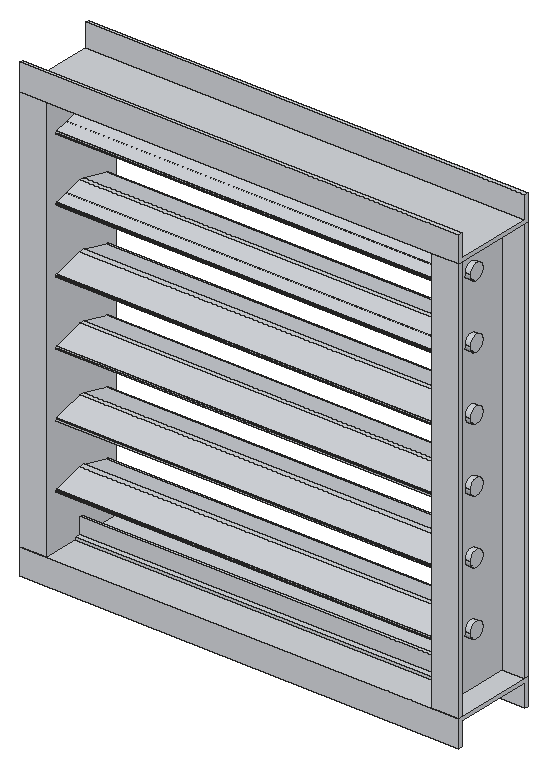
Revit family "NAH-720-4,721-4", category Mechanical Equipment, Revit 2015
Parameters
  URL = "http://unitedenertech.com/catalog/pdf/C_25,26,27,28%20NAH-720-4.pdf"
  Type Comments = "Max. Single Section Size is (60\"w x 96\"h)"
  Model = "NAH-720-4, NAH-721-4"
  Manufacturer = "United Enertech Corporation"
  Keynote = "This model is only a representation of the product, blade position will vary from built dampers."
  Exact Width = 3' - 0"
  Exact Height = 3' - 2"
  Description = "Industrial Airfoil Blade Control Damper"
  Blade Spacing = 0' - 6"
  Blade Number [instance] = (Exact Height - 0' 3") / Blade Spacing  # 6
  BW [instance] = Exact Width - 0' 0 1/8"  # 2' - 11 7/8"
Reference planes (in)
  plane 1 "Center (Front/Back)": y = 0
  plane 2: z = 0
  plane 3 "Center (Left/Right)": x = 0
  plane 4: x = -18
  plane 5: x = 18
  plane 6: x = -20.5
  plane 7: x = 20.5
  plane 8: z = 38
  plane 9: z = 40.5
  plane 10: z = -2.5
  plane 11: y = 8
  plane 12: z = 35.20357
Forms (in)
  Extrusion 1, solid
    sketch origin (0, 0, 0) x (0, 1, 0) y (0, 0, 1)
      loop
        line (8, 40.5) -> (7.625, 40.5) -> (7.625, 38.375) -> (0.375, 38.375) -> (0.375, 40.5) -> (0, 40.5) -> (0, 38) -> (8, 38) -> (8, 40.5)
    from -20.5 to 20.5
  Extrusion 2, solid
    sketch origin (0, 0, 0) x (0, 1, 0) y (0, 0, 1)
      loop
        line (8, -2.5) -> (8, 0) -> (0, 0) -> (0, -2.5) -> (0.375, -2.5) -> (0.375, -0.375) -> (7.625, -0.375) -> (7.625, -2.5) -> (8, -2.5)
    from -20.5 to 20.5
  Extrusion 3, solid
    sketch origin (0, 0, 0) x (1, 0, 0) y (0, 1, 0)
      loop
        line (20.5, 8) -> (18, 8) -> (18, 0) -> (20.5, 0) -> (20.5, 0.375) -> (18.375, 0.375) -> (18.375, 7.625) -> (20.5, 7.625) -> (20.5, 8)
    from 0 to 38
  Extrusion 4, solid
    sketch origin (0, 0, 0) x (-1, 0, 0) y (0, -1, 0)
      loop
        line (20.5, -8) -> (20.5, -7.625) -> (18.375, -7.625) -> (18.375, -0.375) -> (20.5, -0.375) -> (20.5, 0) -> (18, 0) -> (18, -8) -> (20.5, -8)
    from 0 to 38
  Extrusion 5, solid
    sketch origin (0, 0, 0) x (0, 1, 0) y (0, 0, 1)
      loop
        line (4, 38) -> (4, 37.25) -> (4.25, 37.25) -> (4.25, 37.75) -> (4.75, 37.75) -> (4.75, 38) -> (4, 38)
    from -18 to 18
  Extrusion 6, solid
    sketch origin (0, 0, 0) x (0, 1, 0) y (0, 0, 1)
      loop
        line (4, 0) -> (4, 1.75) -> (3.75, 1.75) -> (3.75, 0.25) -> (3.25, 0.25) -> (3.25, 0) -> (4, 0)
    from -18 to 18
Dimensions and locks (in)
  equal spacing: plane 4, plane 3 "Center (Left/Right)", plane 5
  "Exact Width": plane 4 to plane 5
  locked: plane 5 to plane 7 at 2.5
  locked: plane 6 to plane 4 at 2.5
  "Exact Height": plane 8 to level
  locked: plane 9 to plane 8 at 2.5
  locked: level to plane 10 at 2.5
  locked: plane 8 to plane 12 at 2.79643
  equal spacing: group 1, group 2, group 3, group 4, group 5, group 6  (x2)
  equal spacing: group 6, group 5, group 4, group 3, group 2, group 1
  "Blade Spacing": nested 1 to nested 2
  aligned and locked: level to plane 2
  aligned and locked: Extrusion 2 to plane 6
  aligned and locked: Extrusion 1 to plane 6
  aligned and locked: plane 7 to Extrusion 1
  aligned and locked: plane 7 to Extrusion 2
  aligned and locked: Extrusion 4 to level
  aligned and locked: Extrusion 3 to level
  aligned and locked: plane 8 to Extrusion 4
  aligned and locked: plane 8 to Extrusion 3
  aligned and locked: plane 4 to Extrusion 5
  aligned and locked: plane 5 to Extrusion 5
  aligned and locked: plane 12 to nested 1
  aligned and locked: plane 4 to Extrusion 6
  aligned and locked: plane 5 to Extrusion 6
Automatic sketch dimensions
  Extrusion 1 sketch curve to plane 1 "Center (Front/Back)" = 0' - 0"
  Extrusion 1 sketch curve to plane 9 = 0' - 0"  (x2)
  Extrusion 1 sketch curve to plane 11 = 0' - 0"
  Extrusion 1 sketch curve to plane 8 = 0' - 0"
  Extrusion 1 sketch curve to plane 11 = 0' - 0 3/8"
  Extrusion 1 sketch curve to Extrusion 1 sketch curve = 0' - 0 3/8"
  plane 8 to Extrusion 1 sketch curve = 0' - 0 3/8"
  Extrusion 2 sketch curve to plane 1 "Center (Front/Back)" = 0' - 0"
  Extrusion 2 sketch curve to plane 10 = 0' - 0"  (x2)
  Extrusion 2 sketch curve to plane 11 = 0' - 0"
  Extrusion 2 sketch curve to level = 0' - 0"
  Extrusion 2 sketch curve to Extrusion 2 sketch curve = 0' - 0 3/8"
  Extrusion 2 sketch curve to plane 11 = 0' - 0 3/8"
  Extrusion 2 sketch curve to level = 0' - 0 3/8"
  plane 1 "Center (Front/Back)" to Extrusion 4 sketch curve = 0' - 0"
  Extrusion 4 sketch curve to plane 4 = 0' - 0"
  Extrusion 4 sketch curve to plane 6 = 0' - 0"  (x2)
  Extrusion 4 sketch curve to plane 11 = 0' - 0"
  Extrusion 4 sketch curve to Extrusion 4 sketch curve = 0' - 0 3/8"
  plane 11 to Extrusion 4 sketch curve = 0' - 0 3/8"
  Extrusion 4 sketch curve to plane 4 = 0' - 0 3/8"
  plane 1 "Center (Front/Back)" to Extrusion 3 sketch curve = 0' - 0"
  Extrusion 3 sketch curve to plane 5 = 0' - 0"
  Extrusion 3 sketch curve to plane 7 = 0' - 0"  (x2)
  Extrusion 3 sketch curve to plane 11 = 0' - 0"
  Extrusion 3 sketch curve to plane 1 "Center (Front/Back)" = 0' - 0 3/8"
  plane 5 to Extrusion 3 sketch curve = 0' - 0 3/8"
  Extrusion 3 sketch curve to plane 11 = 0' - 0 3/8"
  Extrusion 5 sketch curve to plane 8 = 0' - 0"
  Extrusion 5 sketch curve to plane 8 = 0' - 0 1/4"
  Extrusion 5 sketch curve to plane 11 = 0' - 3 3/4"
  Extrusion 5 sketch curve to Extrusion 5 sketch curve = 0' - 0 1/2"  (x2)
  Extrusion 5 sketch curve to Extrusion 5 sketch curve = 0' - 0 1/4"
  Extrusion 6 sketch curve to level = 0' - 0"
  level to Extrusion 6 sketch curve = 0' - 0 1/4"
  Extrusion 6 sketch curve to plane 1 "Center (Front/Back)" = 0' - 3 1/4"
  Extrusion 6 sketch curve to Extrusion 6 sketch curve = 0' - 0 1/2"
  Extrusion 6 sketch curve to Extrusion 6 sketch curve = 0' - 0 1/4"
  Extrusion 6 sketch curve to Extrusion 6 sketch curve = 0' - 1 1/2"
Nested families (in)
  nested 1: "720-4 Blade" at (0, 4.19517, 34.91958), type "720-4 Blade"
    with Blade Width 2' - 11 7/8"
  nested 2: "720-4 Blade" at (0, 4.19517, 28.91958), type "720-4 Blade"
    with Blade Width 2' - 11 7/8"
  nested 3: "720-4 Blade" at (0, 4.19517, 22.91958), type "720-4 Blade"
    with Blade Width 2' - 11 7/8"
  nested 4: "720-4 Blade" at (0, 4.19517, 16.91958), type "720-4 Blade"
    with Blade Width 2' - 11 7/8"
  nested 5: "720-4 Blade" at (0, 4.19517, 10.91958), type "720-4 Blade"
    with Blade Width 2' - 11 7/8"
  nested 6: "720-4 Blade" at (0, 4.19517, 4.91958), type "720-4 Blade"
    with Blade Width 2' - 11 7/8"
Definition of nested family "720-4 Blade"
  Parameters (values of type "720-4 Blade")
    Blade Width = 1' - 0"
  Reference planes (in)
    plane 1 "Center (Front/Back)": y = 0
    plane 2: z = 0
    plane 3 "Center (Left/Right)": x = 0
    plane 4: x = -6
    plane 5: x = 6
    plane 6: x = 7
    plane 7: x = -7
  Forms (in)
    Extrusion 1, solid
      sketch origin (0, 3.68618, -2.58109) x (0, 1, 0) y (0, 0, 1)
        loop
          circle (-3.88135, 2.76048) r 0.71875
      from -7 to 7
    Extrusion 2, solid
      sketch origin (0, 3.68618, -2.58109) x (0, 1, 0) y (0, 0, 1)
        loop
          line (-0.88135, 2.76048) -> (-0.88135, 2.86508) -> (-0.98032, 2.86508) -> (-3.66657, 3.58383) -> (-4.09613, 3.58383) -> (-6.78238, 2.86508) -> (-6.88135, 2.86508) -> (-6.88135, 2.76048) -> (-6.76863, 2.76048) -> (-4.08238, 3.47923) -> (-3.68032, 3.47923) -> (-0.99407, 2.76048) -> (-0.88135, 2.76048)
      from -6 to 6
    Extrusion 3, solid
      sketch origin (0, 3.68618, -2.58109) x (0, 1, 0) y (0, 0, 1)
        loop
          line (-6.88135, 2.76048) -> (-6.88135, 2.65588) -> (-6.78238, 2.65588) -> (-4.09613, 1.93713) -> (-3.66657, 1.93713) -> (-0.98032, 2.65588) -> (-0.88135, 2.65588) -> (-0.88135, 2.76048) -> (-0.99407, 2.76048) -> (-3.68032, 2.04173) -> (-4.08238, 2.04173) -> (-6.76863, 2.76048) -> (-6.88135, 2.76048)
      from -6 to 6
  Dimensions and locks (in)
    equal spacing: plane 4, plane 3 "Center (Left/Right)", plane 5
    "Blade Width": plane 4 to plane 5
    locked: plane 7 to plane 4 at 1
    locked: plane 5 to plane 6 at 1
    aligned and locked: level to plane 2
    aligned and locked: plane 6 to Extrusion 1
    aligned and locked: Extrusion 1 to plane 7
    aligned and locked: plane 4 to Extrusion 2
    aligned and locked: plane 4 to Extrusion 3
    aligned and locked: plane 5 to Extrusion 3
    aligned and locked: plane 5 to Extrusion 2
  Automatic sketch dimensions
    Extrusion 2 sketch curve to plane 1 "Center (Front/Back)" = 0' - 2.80483"
    level to Extrusion 2 sketch curve = 0' - 0.17939"  (x2)
    Extrusion 2 sketch curve to Extrusion 2 sketch curve = 0' - 0.1046"  (x2)
    Extrusion 2 sketch curve to Extrusion 2 sketch curve = 0' - 0.09897"
    Extrusion 2 sketch curve to Extrusion 2 sketch curve = 0' - 0.01375"  (x4)
    Extrusion 2 sketch curve to Extrusion 2 sketch curve = 0' - 2.7"  (x2)
    Extrusion 2 sketch curve to Extrusion 2 sketch curve = 0' - 0.61415"
    Extrusion 2 sketch curve to Extrusion 2 sketch curve = 0' - 0.40206"
    level to Extrusion 2 sketch curve = 0' - 0.28399"
    Extrusion 2 sketch curve to Extrusion 2 sketch curve = 0' - 0.11272"
    level to Extrusion 3 sketch curve = 0' - 0.07479"  (x2)
    plane 1 "Center (Front/Back)" to Extrusion 3 sketch curve = 0' - 3.19517"
    Extrusion 3 sketch curve to Extrusion 3 sketch curve = 0' - 0.1046"  (x2)
    Extrusion 3 sketch curve to Extrusion 3 sketch curve = 0' - 0.09897"
    Extrusion 3 sketch curve to Extrusion 3 sketch curve = 0' - 0.01375"  (x4)
    Extrusion 3 sketch curve to Extrusion 3 sketch curve = 0' - 2.7"
    Extrusion 3 sketch curve to level = 0' - 0.53936"
    Extrusion 3 sketch curve to level = 0' - 0.64396"
    Extrusion 3 sketch curve to Extrusion 3 sketch curve = 0' - 0.40206"
    Extrusion 3 sketch curve to plane 1 "Center (Front/Back)" = 0' - 2.70587"
    Extrusion 3 sketch curve to Extrusion 3 sketch curve = 0' - 0.11272"
